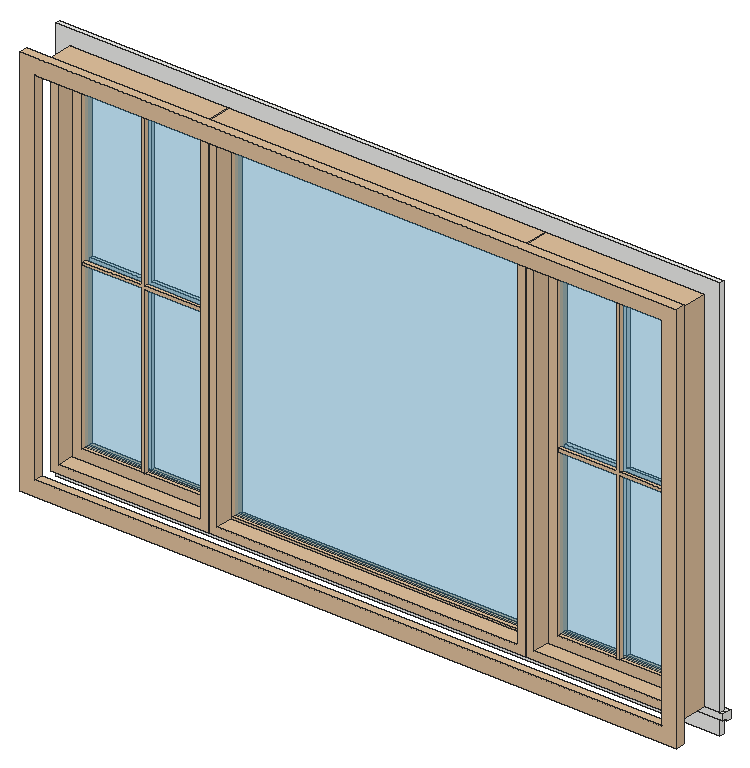
Revit family "Existing Living Room Front Window_Complete", category Windows, host Wall, Revit 2021
Family settings
  Host = Wall
  Always vertical = Yes
  Cut with Voids When Loaded = No
  Shared = No
  Room Calculation Point = No
Parameters (values of type "(2) 0600 x 1400mm CS + 1200 x 1400mm FX")
  Window Inset = 0' - 0 181/256"
  Top Muntin Visibility = yes
  Side Window Width = 1' - 11 159/256"
  Side Window Nested Trim Visibility = no
  Side Window Location = Middle Window Width / 2  # 1' - 11 159/256"
  Sash Material = Sash
  Rough Width = 0' - 0"
  Rough Height = 0' - 0"
  Right Side Window Type = Window-Casement-Single_Right : Standard
  Left Side Window Type = Window-Casement-Single_Left : Standard
  Interior Trim Visibility [instance] = yes
  Interior Trim = Trim-Window-Interior-Flat : Picture Frame
  Fixed Muntin Visibility = no
  Middle Window Width = 3' - 11 31/128"
  Interior Trim Material = Wood - Stained
  Interior Frame Material = Wood - Stained
  Height = 4' - 7 15/128"
  Glass Pane Material = Glass
  Exterior Trim Visibility [instance] = yes
  Exterior Trim Material = Clad - White
  Exterior Trim = Trim-Window-Exterior-Flat : with Sill
  Exterior Frame Material = Clad - White
  Define Thermal Properties by = Schematic Type
  Default Sill Height = 3' - 0"
  Wall Closure = By host
  Width = (Side Window Width * 2) + Middle Window Width  # 7' - 10 31/64"
  Bottom Muntin Visibility = yes
  Analytic Construction = "<None>"
Reference planes (in)
  plane 1 "Center (Front/Back)": y = 0
  plane 2: z = 0
  plane 3 "Center (Left/Right)": x = 0
  plane 4 "Left": x = -47.24219
  plane 5 "Right": x = 47.24219
  plane 6 "Sill": z = 36
  plane 7 "Top": z = 91.11719
Text (in)
  text "EXTERIOR" at (-58.6888, 50.90694, 0), in view "Ref. Level"
  text "INTERIOR" at (-58.6888, -37.76638, 0), in view "Ref. Level"
  text "Exterior" at (0, 43.65631, 123.19604), in view "Left"
  text "Exterior" at (0, 18.29385, 125.04747), in view "Right"
Dimensions and locks (in)
  "Height": plane 6 "Sill" to plane 7 "Top"
  "Default Sill Height": plane 2 to plane 6 "Sill"
  equal spacing: plane 4 "Left", plane 3 "Center (Left/Right)", plane 5 "Right"
  "Width": plane 4 "Left" to plane 5 "Right"
  plane 4 "Left" to plane 5 "Right" = 7' - 10 31/64"
  "Side Window Location": nested 3 to plane 3 "Center (Left/Right)"
  "Side Window Location": plane 3 "Center (Left/Right)" to nested 2
  aligned and locked: plane 7 "Top" to nested 4
  aligned and locked: plane 7 "Top" to nested 5
  aligned and locked: plane 3 "Center (Left/Right)" to nested 5
  aligned and locked: nested 4 to plane 3 "Center (Left/Right)"
Nested families (in)
  nested 1: "Window-Fixed" at (0, 0, 0) x (-1, 0, 0) z (0, 0, 1), type "Standard"
    with Window Inset 0' - 0", Interior Wall Closure 0' - 2 1/4", Interior Trim Visibility no, Frame Extension 0' - 0 1/4", Exterior Wall Closure 0' - 1 1/4", Exterior Trim Visibility no, Rough Width 3' - 11 95/128", Rough Height 4' - 7 79/128", Muntin Visibility no, Height 4' - 7 15/128", Extension Jamb Visibility no, Width 3' - 11 31/128"
  nested 2: "Window-Casement-Single_Right" at (35.43164, 0, 0) x (-1, 0, 0) z (0, 0, 1), Exterior Trim Visibility <- "Side Window Nested Trim Visibility", Interior Trim Visibility <- "Side Window Nested Trim Visibility", type <- "Right Side Window Type", type "Standard"
    with Window Inset 0' - 0", Interior Wall Closure 0' - 2 1/4", Interior Trim Visibility no, Frame Extension 0' - 0 1/4", Exterior Wall Closure 0' - 1 1/4", Exterior Trim Visibility no, Rough Width 2' - 0 31/256", Rough Height 4' - 7 79/128", Height 4' - 7 15/128", Extension Jamb Visibility no, Width 1' - 11 159/256"
  nested 3: "Window-Casement-Single_Left" at (-35.43164, 0, 0) x (-1, 0, 0) z (0, 0, 1), Exterior Trim Visibility <- "Side Window Nested Trim Visibility", Interior Trim Visibility <- "Side Window Nested Trim Visibility", type <- "Left Side Window Type", type "Standard"
    with Window Inset 0' - 0", Interior Wall Closure 0' - 2 1/4", Interior Trim Visibility no, Frame Extension 0' - 0 1/4", Exterior Wall Closure 0' - 1 1/4", Exterior Trim Visibility no, Rough Width 2' - 0 31/256", Rough Height 4' - 7 79/128", Height 4' - 7 15/128", Extension Jamb Visibility no, Width 1' - 11 159/256"
  nested 4: "Trim-Window-Exterior-Flat" at (0, 3, 91.11719) x (-1, 0, 0) z (0, 1, 0), visible <- "Exterior Trim Visibility", Trim Material <- "Exterior Trim Material", Opening Width <- "Width", Opening Height <- "Height", type <- "Exterior Trim", type "with Sill"
    with Trim Material Clad - White, Opening Width 7' - 10 31/64", Opening Height 4' - 7 15/128"
  nested 5: "Trim-Window-Interior-Flat" at (0, -3, 91.11719) x (1, 0, 0) z (0, -1, 0), visible <- "Interior Trim Visibility", Trim Material <- "Interior Trim Material", Opening Width <- "Width", Opening Height <- "Height", type <- "Interior Trim", type "Picture Frame"
    with Trim Material Wood - Stained, Opening Width 7' - 10 31/64", Opening Height 4' - 7 15/128"
  nested 6: "Muntin Pattern_2x2" at (35.43164, 2.625, 38.75) x (-1, 0, 0) z (0, 0, 1), type "Muntin Pattern_2x2"
    with Width 1' - 6 31/256", Interior Material Wood - Stained, Height 4' - 1 79/128", Exterior Material Clad - White
  nested 7: "Muntin Pattern_2x2" at (-35.43164, 2.625, 38.75) x (-1, 0, 0) z (0, 0, 1), type "Muntin Pattern_2x2"
    with Width 1' - 6 31/256", Interior Material Wood - Stained, Height 4' - 1 79/128", Exterior Material Clad - White
Definition of nested family "Window-Fixed"
  Parameters (values of type "24" x 36"")
    Window Inset [instance] = 0' - 0"
    Wall Thickness [instance] = 0' - 6"
    Visual Light Transmittance = 0.81
    Thermal Resistance (R) = 1.8146 (h·ft²·°F)/BTU
    Solar Heat Gain Coefficient = 0.76
    Rough Width = Width + 0' 0 1/2"  # 2' - 0 1/2"
    Rough Height = Height + 0' 0 1/2"  # 3' - 0 1/2"
    Muntin Visibility = yes
    Muntin Pattern = Muntin Pattern_2x2 : Muntin Pattern_2x2
    Interior Wall Closure [instance] = 0' - 2 1/4"
    Interior Trim Visibility [instance] = yes
    Interior Trim Material = none
    Interior Trim = Trim-Window-Interior-Flat : Picture Frame
    Height = 3' - 0"
    Interior Frame Material = none
    Heat Transfer Coefficient (U) = 0.5511 BTU/(h·ft²·°F)
    Glass Panel Material = none
    Frame Extension [instance] = if(Exterior Trim Visibility, Window Inset + 0' 0 1/4", 0' 0 1/4")  # 0' - 0 1/4"
    Fire Rating = "0.5h"
    Exterior Wall Closure [instance] = 0' - 1 1/4"
    Exterior Trim Visibility [instance] = yes
    Exterior Trim Material = none
    Exterior Trim = Trim-Window-Exterior-Flat : with Sill
    Exterior Frame Material = none
    Extension Jamb Visibility [instance] = and(Interior Trim Visibility, Wall Thickness - Window Inset > 0' 3 3/4")  # yes
    Extension Jamb [instance] = if(Wall Thickness - Window Inset > 0' 3 3/4", Wall Thickness - Window Inset - 0' 3 3/4", 0' 1")  # 0' - 2 1/4"
    Default Sill Height = 3' - 0"
    Wall Closure = (empty or 0)
    Width = 2' - 0"
    Assembly Code = "B2020100"
    Analytic Construction = "Double glazing - domestic"
  Reference planes (in)
    plane 1 "Center (Front/Back)": y = 0
    plane 2: z = 0
    plane 3 "Center (Left/Right)": x = 0
    plane 4 "Left": x = -12
    plane 5 "Right": x = 12
    plane 6 "Sill": z = 36
    plane 7 "Top": z = 72
    plane 8 "Inset Face": y = 3
    plane 9 "Wall Closure": y = -0.75
    plane 10 "Sash Face": y = 3.5
    plane 11 "Exterior": y = 3
    plane 12: x = 11.5
    plane 13: x = -11.5
    plane 14: z = 71.5
    plane 15: z = 36.5
    plane 16: y = 2.25
    plane 17 "Glass": y = 2.625
    plane 18: y = 3.75
    plane 19: y = 3.75
    plane 20 "Interior": y = -3
    plane 21 "Jamb": y = -0.75
    plane 22 "Middle": z = 54
    plane 23: z = 54
    plane 24: x = 10.75
    plane 25: x = 10.5
    plane 26: x = -10.5
    plane 27: x = 10.5
    plane 28: z = 70.5
    plane 29: z = 37.5
    plane 30: y = -0.75
    plane 31: y = 1.75
    plane 32: y = 3.75
  Forms (in)
    Sweep 1, solid, material <- "Interior Frame Material"
      path origin (0, 3.5, 0) x (-1, 0, 0) y (0, 0, 1)
        loop
          line (-12, 36) -> (12, 36) -> (12, 72) -> (-12, 72) -> (-12, 36)
      profile origin (12, 3.5, 54) x (1, 0, 0) y (0, 1, 0)
        loop
          line (0, 0.25) -> (-0.5, 0.25) -> (-0.5, -1.75) -> (-1.25, -1.75) -> (-1.25, -4.25) -> (0, -4.25) -> (0, 0.25)
    Extrusion 2, solid, material <- "Interior Frame Material", visible <- "Extension Jamb Visibility"
      sketch origin (0, 0, 0) x (1, 0, 0) y (0, 0, 1)
        loop
          line (12, 72) -> (-12, 72) -> (-12, 36) -> (12, 36) -> (12, 72)
        loop
          line (11.5, 36.5) -> (11.5, 71.5) -> (-11.5, 71.5) -> (-11.5, 36.5) -> (11.5, 36.5)
      from 0.75 to 3
    Sweep 3, solid, material <- "Interior Frame Material"
      path origin (0, 3.5, 0) x (-1, 0, 0) y (0, 0, 1)
        loop
          line (-11.5, 71.5) -> (-11.5, 36.5) -> (11.5, 36.5) -> (11.5, 71.5) -> (-11.5, 71.5)
      profile origin (11.5, 3.5, 54) x (0, 1, 0) y (-1, 0, 0)
        loop
          line (0, 0) -> (0, 1) -> (-1.75, 1) -> (-1.75, 0) -> (0, 0)
    Extrusion 4, solid, material <- "Glass Panel Material"
      sketch origin (0, 0, 36) x (0, -1, 0) y (1, 0, 0)
        loop
          line (-3, -10.5) -> (-2.75, -10.5) -> (-2.75, 10.5) -> (-3, 10.5) -> (-3, -10.5)
        loop
          line (-2.25, 10.5) -> (-2.5, 10.5) -> (-2.5, -10.5) -> (-2.25, -10.5) -> (-2.25, 10.5)
      from 1.5 to 34.5
  Lines and regions (in)
    Opening 1
      outline origin (-60, -3, 0) x (1, 0, 0) y (0, 0, 1)
        loop
          line (48, 72) -> (48, 36) -> (72, 36) -> (72, 72) -> (48, 72)
    Split face 1
      outline origin (10.5, 3.5, 37.5) x (-1, 0, 0) y (0, -1, 0)
        loop
          line (21, 0.5) -> (0, 0.5)
    Split face 2
      outline origin (10.5, 3.5, 70.5) x (0, 0, -1) y (0, -1, 0)
        loop
          line (0, 0.5) -> (33, 0.5)
    Split face 3
      outline origin (-10.5, 3.5, 37.5) x (0, 0, 1) y (0, -1, 0)
        loop
          line (33, 0.5) -> (0, 0.5)
    Split face 4
      outline origin (-10.5, 3.5, 70.5) x (0, -1, 0) y (1, 0, 0)
        loop
          line (0.5, 0) -> (0.5, 21)
    Split face 5
      outline origin (11.5, 1.75, 36.5) x (0, 0, 1) y (0, 1, 0)
        loop
          line (35, 1.25) -> (0, 1.25)
    Split face 6
      outline origin (-11.5, 1.75, 36.5) x (1, 0, 0) y (0, 1, 0)
        loop
          line (0, 1.25) -> (23, 1.25)
    Split face 7
      outline origin (-11.5, 1.75, 71.5) x (0, 0, -1) y (0, 1, 0)
        loop
          line (35, 1.75) -> (0, 1.75)
    Split face 8
      outline origin (11.5, 1.75, 71.5) x (0, 1, 0) y (-1, 0, 0)
        loop
          line (1.75, 0) -> (1.75, 23)
  Text (in)
    text "EXTERIOR" at (-58.6888, 50.90694, 0), in view "Ref. Level"
    text "INTERIOR" at (-58.6888, -37.76638, 0), in view "Ref. Level"
    text "Exterior" at (0, 43.65631, 123.19604), in view "Left"
    text "Exterior" at (0, 18.29385, 125.04747), in view "Right"
  Dimensions and locks (in)
    equal spacing: plane 4 "Left", plane 3 "Center (Left/Right)", plane 5 "Right"
    "Width": plane 4 "Left" to plane 5 "Right"
    "Height": plane 6 "Sill" to plane 7 "Top"
    "Default Sill Height": plane 2 to plane 6 "Sill"
    locked: plane 10 "Sash Face" to plane 8 "Inset Face" at 0.5
    "Wall Thickness": host wall to host wall
    "Window Inset": plane 11 "Exterior" to plane 8 "Inset Face"
    locked: Sweep 1 sketch curve to plane 5 "Right" at 0.5
    locked: plane 12 to plane 5 "Right" at 0.5
    locked: plane 4 "Left" to plane 13 at 0.5
    locked: plane 14 to plane 7 "Top" at 0.5
    locked: plane 6 "Sill" to plane 15 at 0.5
    plane 16 to Sweep 3 = 0' - 0 1/2"
    equal spacing: plane 8 "Inset Face", plane 17 "Glass", plane 16
    locked: plane 8 "Inset Face" to plane 16 at 0.75
    locked: plane 18 to plane 11 "Exterior" at 0.75
    locked: plane 19 to plane 10 "Sash Face" at 0.25
    "Extension Jamb": plane 21 "Jamb" to plane 20 "Interior"
    locked: plane 8 "Inset Face" to plane 9 "Wall Closure" at 3.75
    equal spacing: plane 6 "Sill", plane 23, plane 7 "Top"
    plane 24 to plane 5 "Right" = 0' - 1 1/4"
    plane 25 to plane 12 = 0' - 1"
    locked: plane 4 "Left" to plane 26 at 1.5
    locked: plane 7 "Top" to plane 28 at 1.5
    locked: plane 29 to plane 6 "Sill" at 1.5
    locked: plane 27 to plane 5 "Right" at 1.5
    level to host wall = 23' - 0"
    "Interior Wall Closure": plane 30 to plane 20 "Interior"
    "Exterior Wall Closure": plane 11 "Exterior" to plane 31
    "Frame Extension": plane 32 to plane 10 "Sash Face"
    aligned and locked: plane 7 "Top" to Opening 1 sketch curve
    aligned and locked: plane 6 "Sill" to Opening 1 sketch curve  (x2)
    aligned and locked: plane 5 "Right" to Opening 1 sketch curve
    aligned and locked: plane 4 "Left" to Opening 1 sketch curve
    aligned and locked: level to plane 2
    aligned and locked: host wall to plane 11 "Exterior"
    aligned and locked: plane 5 "Right" to Sweep 1 sketch curve
    aligned and locked: plane 7 "Top" to Sweep 1 sketch curve
    aligned and locked: Sweep 1 sketch curve to plane 4 "Left"
    aligned and locked: Sweep 1 sketch curve to plane 6 "Sill"
    aligned and locked: Extrusion 2 sketch curve to host wall  (x3)
    aligned and locked: plane 7 "Top" to Extrusion 2 sketch curve
    aligned and locked: host wall to Extrusion 2
    aligned and locked: Sweep 3 sketch curve to plane 12  (x2)
    aligned and locked: Sweep 3 sketch curve to plane 15
    aligned and locked: Split face 1 sketch curve to plane 8 "Inset Face"
    aligned and locked: plane 8 "Inset Face" to Split face 2 sketch curve
    aligned and locked: plane 8 "Inset Face" to Split face 3 sketch curve
    aligned and locked: Split face 4 sketch curve to plane 8 "Inset Face"
    aligned and locked: Extrusion 4 sketch curve to plane 8 "Inset Face"
    aligned and locked: Sweep 3 to Extrusion 4 sketch curve
    aligned and locked: Extrusion 4 sketch curve to plane 16
    aligned and locked: Extrusion 4 sketch curve to Sweep 3
    aligned and locked: plane 20 "Interior" to host wall
    aligned and locked: plane 21 "Jamb" to Extrusion 2
    aligned and locked: plane 9 "Wall Closure" to Sweep 1
    aligned and locked: nested 2 to plane 4 "Left"
    aligned and locked: plane 11 "Exterior" to nested 2
    aligned and locked: profile plane to Sweep 3 sketch curve
    aligned and locked: plane 13 to Sweep 3 sketch curve
    aligned and locked: plane 12 to Extrusion 2 sketch curve
    aligned and locked: Extrusion 2 sketch curve to plane 14
    aligned and locked: Extrusion 2 sketch curve to plane 13
    aligned and locked: plane 15 to Extrusion 2 sketch curve
    aligned and locked: plane 23 to plane 22 "Middle"
    aligned and locked: plane 14 to Sweep 3 sketch curve
    aligned and locked: Sweep 1 sketch curve to Sweep 3
    aligned and locked: Sweep 3 sketch curve to plane 25
    aligned and locked: Extrusion 4 sketch curve to plane 25  (x2)
    aligned and locked: Extrusion 4 to Sweep 3  (x2)
    aligned and locked: plane 8 "Inset Face" to Split face 5 sketch curve
    aligned and locked: Split face 6 sketch curve to plane 8 "Inset Face"
    aligned and locked: Split face 7 sketch curve to plane 10 "Sash Face"
    aligned and locked: plane 10 "Sash Face" to Split face 8 sketch curve
    aligned and locked: plane 7 "Top" to nested 2
    aligned and locked: nested 1 to plane 29
    aligned and locked: plane 15 to Extrusion 2
    aligned and locked: Extrusion 2 to plane 14
    aligned and locked: plane 17 "Glass" to nested 1
    aligned and locked: nested 1 to plane 28
    aligned and locked: plane 25 to nested 1
    aligned and locked: plane 26 to nested 1
    aligned and locked: plane 7 "Top" to nested 3
    aligned and locked: nested 3 to plane 3 "Center (Left/Right)"
    aligned and locked: plane 7 "Top" to nested 4
    aligned and locked: plane 3 "Center (Left/Right)" to nested 4
    aligned and locked: plane 32 to Sweep 1 sketch curve
  Automatic sketch dimensions
    Sweep 3 sketch curve to plane 10 "Sash Face" = 0' - 1 3/4"
    Split face 1 sketch curve to Sweep 3 = 0' - 0"  (x2)
    Sweep 3 to Split face 2 sketch curve = 0' - 0"
    Split face 2 sketch curve to Sweep 3 = 0' - 0"
    Split face 3 sketch curve to Sweep 3 = 0' - 0"
    Sweep 3 to Split face 3 sketch curve = 0' - 0"
    Split face 4 sketch curve to Sweep 3 = 0' - 0"  (x2)
    plane 17 "Glass" to Extrusion 4 sketch curve = 0' - 0 1/8"
    Extrusion 4 sketch curve to plane 17 "Glass" = 0' - 0 1/8"
    Sweep 1 sketch curve to profile plane = 0' - 0"
    profile plane to Sweep 1 sketch curve = 0' - 1 1/4"
    Sweep 1 sketch curve to plane 10 "Sash Face" = 0' - 4 1/4"
    Split face 5 sketch curve to Sweep 1 = 0' - 0"
    Sweep 1 to Split face 5 sketch curve = 0' - 0"
    Split face 6 sketch curve to Sweep 1 = 0' - 0"  (x2)
    Sweep 1 to Split face 7 sketch curve = 0' - 0"
    Split face 7 sketch curve to Sweep 1 = 0' - 0"
    Split face 8 sketch curve to Sweep 1 = 0' - 0"  (x2)
  Nested families (in)
    nested 1: "Muntin Pattern_2x2" at (0, 2.625, 37.5) x (-1, 0, 0) z (0, 0, 1), type <- "Muntin Pattern", Exterior Material <- "Exterior Frame Material", Interior Material <- "Interior Frame Material", visible <- "Muntin Visibility", type "Muntin Pattern_2x2"
      with Width 1' - 9", Interior Material none, Height 2' - 9", Exterior Material none
    nested 2: "Plan-Fixed" at (0, 3, 36) x (-1, 0, 0) z (0, 0, 1), Width <- "Width", Wall Thickness <- "Wall Thickness", Height <- "Height", Window Inset <- "Window Inset", type "Plan-Fixed"
      with Window Inset of 3D 0' - 0", Window Inset 0' - 0", Width 2' - 0", Wall Thickness 0' - 6", Height 3' - 0"
    nested 3: "Trim-Window-Exterior-Flat" at (0, 3, 72) x (-1, 0, 0) z (0, 1, 0), visible <- "Exterior Trim Visibility", Trim Material <- "Exterior Trim Material", Opening Width <- "Width", Opening Height <- "Height", type <- "Exterior Trim", type "with Sill"
      with Trim Material none, Opening Width 2' - 0", Opening Height 3' - 0"
    nested 4: "Trim-Window-Interior-Flat" at (0, -3, 72) x (1, 0, 0) z (0, -1, 0), visible <- "Interior Trim Visibility", Trim Material <- "Interior Trim Material", Opening Width <- "Width", Opening Height <- "Height", type <- "Interior Trim", type "Picture Frame"
      with Trim Material none, Opening Width 2' - 0", Opening Height 3' - 0"
  Definition of nested family "Muntin Pattern_2x2"
    Parameters (values of type "Muntin Pattern_2x2")
      Width [instance] = 4' - 0"
      Thickness = 0' - 0 1/2"
      Height [instance] = 4' - 0"
      Interior Material [instance] = none
      Exterior Material [instance] = none
      Distance = 0' - 0 3/4"
      Default Elevation = 0' - 0"
    Reference planes (in)
      plane 1 "Center (Front/Back)": y = 0
      plane 2: z = 0
      plane 3 "Center (Left/Right)": x = 0
      plane 4: z = 48
      plane 5: x = -24
      plane 6: x = 24
      plane 7: z = 24
      plane 8: y = 0.375
      plane 9: y = 0.875
      plane 10: y = -0.375
      plane 11: y = -0.875
    Forms (in)
      Extrusion 1, solid, material <- "Interior Material", detail levels fine
        sketch origin (0, 0, 0) x (1, 0, 0) y (0, 0, 1)
          loop
            line (-24, 24.25) -> (-24, 23.75) -> (-0.25, 23.75) -> (-0.25, 0) -> (0.25, 0) -> (0.25, 23.75) -> (24, 23.75) -> (24, 24.25) -> (0.25, 24.25) -> (0.25, 48) -> (-0.25, 48) -> (-0.25, 24.25) -> (-24, 24.25)
        from 0.375 to 0.875
      Extrusion 2, solid, material <- "Exterior Material", detail levels fine
        sketch origin (0, 0, 0) x (1, 0, 0) y (0, 0, -1)
          loop
            line (-24, -24.25) -> (-0.25, -24.25) -> (-0.25, -48) -> (0.25, -48) -> (0.25, -24.25) -> (24, -24.25) -> (24, -23.75) -> (0.25, -23.75) -> (0.25, 0) -> (-0.25, 0) -> (-0.25, -23.75) -> (-24, -23.75) -> (-24, -24.25)
        from 0.375 to 0.875
    Lines and regions (in)
      model lines, detail levels medium
        curve 1: line (0, 0.375, 48) -> (0, 0.375, 0)
        curve 2: line (-24, -0.375, 24) -> (24, -0.375, 24)
        curve 3: line (-24, 0.375, 24) -> (24, 0.375, 24)
        curve 4: line (0, -0.375, 48) -> (0, -0.375, 0)
    Dimensions and locks (in)
      equal spacing: plane 6, plane 3 "Center (Left/Right)", plane 5
      "Width": plane 6 to plane 5
      "Height": plane 4 to plane 2
      equal spacing: plane 4, plane 7, plane 2
      locked: plane 3 "Center (Left/Right)" to Extrusion 1 sketch curve at 0.25  (x4)
      locked: Extrusion 1 sketch curve to plane 7 at 0.25  (x2)
      locked: plane 7 to Extrusion 1 sketch curve at 0.25  (x2)
      "Thickness": plane 9 to plane 8
      "Thickness": plane 10 to plane 11
      "Distance": plane 8 to plane 10
      equal spacing: plane 8, plane 1 "Center (Front/Back)", plane 10
      aligned and locked: plane 2 to level
      aligned and locked: plane 4 to curve 1
      aligned and locked: plane 5 to curve 2
      aligned and locked: plane 2 to curve 1
      aligned and locked: plane 6 to curve 2
      aligned and locked: Extrusion 1 sketch curve to plane 4
      aligned and locked: Extrusion 1 sketch curve to plane 6
      aligned and locked: Extrusion 1 sketch curve to plane 5
      aligned and locked: Extrusion 1 sketch curve to level
      aligned and locked: Extrusion 1 to plane 11
      aligned and locked: plane 10 to Extrusion 1
      aligned and locked: Extrusion 2 to plane 5
      aligned and locked: plane 6 to Extrusion 2
      aligned and locked: Extrusion 2 to plane 8
      aligned and locked: plane 9 to Extrusion 2
      aligned and locked: Extrusion 2 to plane 2
      aligned and locked: plane 4 to Extrusion 2
      aligned and locked: plane 5 to curve 3
      aligned and locked: plane 6 to curve 3
      aligned and locked: plane 4 to curve 4
      aligned and locked: plane 2 to curve 4
      aligned and locked: plane 8 to curve 3
    Automatic sketch dimensions
      curve 2 to plane 7 = 0' - 0"
      Extrusion 2 sketch curve to plane 5 = 0' - 0"
      Extrusion 2 sketch curve to level = 0' - 0"
      Extrusion 2 sketch curve to plane 4 = 0' - 0"
      Extrusion 2 sketch curve to plane 6 = 0' - 0"
      Extrusion 2 sketch curve to plane 3 "Center (Left/Right)" = 0' - 0 1/4"  (x2)
      plane 3 "Center (Left/Right)" to Extrusion 2 sketch curve = 0' - 0 1/4"  (x2)
      plane 7 to Extrusion 2 sketch curve = 0' - 0 1/4"  (x2)
      Extrusion 2 sketch curve to plane 7 = 0' - 0 1/4"  (x2)
      curve 4 to plane 3 "Center (Left/Right)" = 0' - 0"
      curve 4 to level = 0' - 0"
      curve 4 to plane 4 = 0' - 0"
      curve 3 to plane 6 = 0' - 0"
      curve 1 to plane 3 "Center (Left/Right)" = 0' - 0"
      curve 3 to plane 5 = 0' - 0"
      curve 3 to plane 7 = 0' - 0"
  Definition of nested family "Trim-Window-Exterior-Flat"
    Parameters (values of type "with Sill")
      Trim Width = 0' - 2 1/4"
      Trim Thickness_Picture Frame = 0' - 1 1/4"
      Trim Thickness_with Sill = 0' - 0 3/4"
      Trim Material [instance] = none
      Sill Thickness = 0' - 1 1/4"
      Sill = yes
      Picture Frame = no
      Opening Width [instance] = 2' - 0"
      Opening Height [instance] = 3' - 0"
      Default Elevation = 4' - 0"
    Types (2): name | Sill | Picture Frame
      with Sill | yes | no
      Picture Frame | no | yes
    Reference planes (in)
      plane 1 "Center (Front/Back)": y = 0
      plane 2: z = 0
      plane 3 "Center (Left/Right)": x = 0
      plane 4: y = 2.25
      plane 5 "Left": x = -12
      plane 6 "Right": x = 12
      plane 7 "Bottom": y = -36
      plane 8: y = -37.25
      plane 9: y = -39.12332
      plane 10: x = 14.25
      plane 11: x = -14.25
      plane 12: z = 0.75
      plane 13: z = 1.25
      plane 14: x = 14.75
      plane 15: x = -14.75
      plane 16: y = -36.87332
      plane 17: y = -38.25
      plane 18: z = 0.5
      plane 19: y = -18
      plane 20: z = 1.5
    Forms (in)
      Extrusion 1, solid
        sketch origin (0, 0, 0) x (1, 0, 0) y (0, 1, 0)
          loop
            line (-14.25, 2.25) -> (-14.25, -39.12332) -> (14.25, -39.12332) -> (14.25, 2.25) -> (-14.25, 2.25)
        from 0 to -12
      Extrusion 2, solid, material <- "Trim Material", visible <- "Sill"
        sketch origin (0, 0, 0) x (1, 0, 0) y (0, 1, 0)
          loop
            line (-14.25, -36) -> (-12, -36) -> (-12, 0) -> (12, 0) -> (12, -36) -> (14.25, -36) -> (14.25, 2.25) -> (-14.25, 2.25) -> (-14.25, -36)
        from 0 to 0.75
      Extrusion 3, solid, material <- "Trim Material", visible <- "Sill"
        sketch origin (0, 0, 0) x (0, 1, 0) y (0, 0, 1)
          loop
            line (-36.09677, 1.5) -> (-37.25, 1.5) -> (-37.25, 0.75) -> (-36.87332, 0.75) -> (-36.87332, 0) -> (-36, 0) -> (-36, 0.75) -> (-36.09677, 1.5)
        from -14.75 to 14.75
      Extrusion 4, solid, material <- "Trim Material", visible <- "Sill"
        sketch origin (0, 0, 0) x (1, 0, 0) y (0, 1, 0)
          loop
            line (-14.25, -36.87332) -> (-14.25, -39.12332) -> (14.25, -39.12332) -> (14.25, -36.87332) -> (-14.25, -36.87332)
        from 0 to 0.75
      Extrusion 5, solid, material <- "Trim Material", visible <- "Picture Frame"
        sketch origin (0, 0, 0) x (1, 0, 0) y (0, 1, 0)
          loop
            line (-12, 0) -> (-12, -36) -> (12, -36) -> (12, 0) -> (-12, 0)
          loop
            line (-14.25, 2.25) -> (-14.25, -38.25) -> (14.25, -38.25) -> (14.25, 2.25) -> (-14.25, 2.25)
        from 0 to 1.25
    Dimensions and locks (in)
      equal spacing: plane 5 "Left", plane 3 "Center (Left/Right)", plane 6 "Right"
      "Opening Width": plane 5 "Left" to plane 6 "Right"
      "Opening Height": plane 7 "Bottom" to plane 1 "Center (Front/Back)"
      "Sill Thickness": plane 7 "Bottom" to plane 8
      "Trim Width": plane 11 to plane 5 "Left"
      "Trim Width": plane 6 "Right" to plane 10
      "Trim Width": plane 1 "Center (Front/Back)" to plane 4
      locked: plane 15 to plane 11 at 0.5
      locked: plane 10 to plane 14 at 0.5
      locked: plane 16 to plane 8 at 0.37668
      "Trim Width": plane 9 to plane 16
      "Trim Width": plane 17 to plane 7 "Bottom"
      locked: plane 18 to plane 2 at 0.5
      equal spacing: plane 7 "Bottom", plane 19, plane 1 "Center (Front/Back)"
      locked: plane 20 to plane 12 at 0.75
      "Trim Thickness_with Sill": plane 12 to plane 2
      "Trim Thickness_Picture Frame": plane 13 to plane 2
      aligned and locked: plane 2 to Extrusion 1
      aligned and locked: level to Extrusion 1
      aligned and locked: Extrusion 2 sketch curve to plane 5 "Left"
      aligned and locked: Extrusion 2 sketch curve to plane 11
      aligned and locked: plane 7 "Bottom" to Extrusion 2 sketch curve  (x2)
      aligned and locked: plane 1 "Center (Front/Back)" to Extrusion 2 sketch curve
      aligned and locked: plane 10 to Extrusion 2 sketch curve
      aligned and locked: Extrusion 2 sketch curve to plane 6 "Right"
      aligned and locked: plane 12 to Extrusion 2
      aligned and locked: Extrusion 3 sketch curve to level
      aligned and locked: plane 7 "Bottom" to Extrusion 3 sketch curve
      aligned and locked: Extrusion 3 sketch curve to plane 8
      aligned and locked: plane 15 to Extrusion 3
      aligned and locked: Extrusion 3 to plane 14
      aligned and locked: plane 10 to Extrusion 4 sketch curve
      aligned and locked: Extrusion 4 sketch curve to plane 11
      aligned and locked: plane 16 to Extrusion 4 sketch curve
      aligned and locked: plane 9 to Extrusion 4 sketch curve
      aligned and locked: Extrusion 4 to Extrusion 2
      aligned and locked: Extrusion 2 sketch curve to plane 4
      aligned and locked: plane 1 "Center (Front/Back)" to Extrusion 5 sketch curve
      aligned and locked: Extrusion 5 sketch curve to plane 4
      aligned and locked: Extrusion 5 sketch curve to plane 17
      aligned and locked: plane 7 "Bottom" to Extrusion 5 sketch curve
      aligned and locked: Extrusion 5 sketch curve to plane 6 "Right"
      aligned and locked: plane 10 to Extrusion 5 sketch curve
      aligned and locked: Extrusion 5 sketch curve to plane 5 "Left"
      aligned and locked: Extrusion 5 sketch curve to plane 11
      aligned and locked: plane 13 to Extrusion 5
      aligned and locked: plane 20 to Extrusion 3
    Automatic sketch dimensions
      Extrusion 1 sketch curve to Extrusion 1 sketch curve = 2' - 4 1/2"
      Extrusion 1 sketch curve to Extrusion 1 sketch curve = 3' - 5.37332"
      Extrusion 3 sketch curve to plane 16 = 0' - 0"
      Extrusion 3 sketch curve to plane 12 = 0' - 0"  (x2)
      Extrusion 3 sketch curve to plane 7 "Bottom" = 0' - 0.09677"
      plane 13 to Extrusion 3 sketch curve = 0' - 0 1/4"
  Definition of nested family "Trim-Window-Interior-Flat"
    Parameters (values of type "with Sill")
      Trim Thickness_Picture Frame = 0' - 1 1/4"
      Trim Width = 0' - 2 1/4"
      Trim Thickness_with Sill = 0' - 0 3/4"
      Trim Material [instance] = none
      Sill Thickness = 0' - 1 1/4"
      Sill = yes
      Picture Frame = no
      Opening Width [instance] = 2' - 0"
      Opening Height [instance] = 3' - 0"
      Default Elevation = 4' - 0"
    Types (2): name | Sill | Picture Frame
      with Sill | yes | no
      Picture Frame | no | yes
    Reference planes (in)
      plane 1 "Center (Front/Back)": y = 0
      plane 2: z = 0
      plane 3 "Center (Left/Right)": x = 0
      plane 4: y = 1.75
      plane 5 "Left": x = -12
      plane 6 "Right": x = 12
      plane 7 "Bottom": y = -36
      plane 8: y = -37.25
      plane 9: y = -39.12332
      plane 10: x = 13.75
      plane 11: x = -13.75
      plane 12: z = 0.75
      plane 13: z = 1.25
      plane 14: x = 14.25
      plane 15: x = -14.25
      plane 16: y = -36.87332
      plane 17: y = -37.75
      plane 18: z = 0.5
      plane 19: x = -11.5
      plane 20: y = -0.5
      plane 21: x = 11.5
      plane 22: y = -35.5
      plane 23: x = -13.25
      plane 24: x = 13.25
      plane 25: y = -18
    Forms (in)
      Extrusion 1, solid
        sketch origin (0, 0, 0) x (1, 0, 0) y (0, 1, 0)
          loop
            line (-13.75, 1.75) -> (-13.75, -37.75) -> (13.75, -37.75) -> (13.75, 1.75) -> (-13.75, 1.75)
        from 0 to -12
      Extrusion 2, solid, material <- "Trim Material", visible <- "Sill"
        sketch origin (0, 0, 0) x (1, 0, 0) y (0, 1, 0)
          loop
            line (-13.25, -36) -> (-11.5, -36) -> (-11.5, 0) -> (11.5, 0) -> (11.5, -36) -> (13.25, -36) -> (13.25, 1.75) -> (-13.25, 1.75) -> (-13.25, -36)
        from 0 to 0.75
      Extrusion 3, solid, material <- "Trim Material", visible <- "Sill"
        sketch origin (0, 0, 0) x (0, 1, 0) y (0, 0, 1)
          loop
            line (-36.5, 1.5) -> (-36.87332, 1.5) -> (-36.87332, 0) -> (-36, 0) -> (-36, 1)
            arc (-36, 1) -> (-36.14645, 1.35355) -> (-36.5, 1.5) r 0.5
        from -13.75 to 13.75
      Extrusion 4, solid, material <- "Trim Material", visible <- "Sill"
        sketch origin (0, 0, 0) x (1, 0, 0) y (0, 1, 0)
          loop
            line (-13.25, -36.87332) -> (-13.25, -39.12332) -> (13.25, -39.12332) -> (13.25, -36.87332) -> (-13.25, -36.87332)
        from 0 to 0.75
      Extrusion 5, solid, material <- "Trim Material", visible <- "Picture Frame"
        sketch origin (0, 0, 0) x (1, 0, 0) y (0, 1, 0)
          loop
            line (-11.5, -0.5) -> (-11.5, -35.5) -> (11.5, -35.5) -> (11.5, -0.5) -> (-11.5, -0.5)
          loop
            line (-13.75, 1.75) -> (-13.75, -37.75) -> (13.75, -37.75) -> (13.75, 1.75) -> (-13.75, 1.75)
        from 0 to 1.25
    Dimensions and locks (in)
      equal spacing: plane 5 "Left", plane 3 "Center (Left/Right)", plane 6 "Right"
      "Opening Width": plane 5 "Left" to plane 6 "Right"
      "Opening Height": plane 7 "Bottom" to plane 1 "Center (Front/Back)"
      "Sill Thickness": plane 7 "Bottom" to plane 8
      "Trim Width": plane 11 to plane 19
      "Trim Width": plane 21 to plane 10
      "Trim Width": plane 20 to plane 4
      "Trim Thickness_with Sill": plane 12 to plane 2
      locked: plane 15 to plane 11 at 0.5
      locked: plane 10 to plane 14 at 0.5
      locked: plane 16 to plane 8 at 0.37668
      "Trim Width": plane 9 to plane 16
      "Trim Width": plane 17 to plane 22
      plane 20 to plane 1 "Center (Front/Back)" = 0' - 0 1/2"
      plane 5 "Left" to plane 19 = 0' - 0 1/2"
      plane 21 to plane 6 "Right" = 0' - 0 1/2"
      plane 22 to plane 7 "Bottom" = 0' - 0 1/2"
      locked: plane 11 to plane 23 at 0.5
      locked: plane 24 to plane 10 at 0.5
      equal spacing: plane 7 "Bottom", plane 25, plane 1 "Center (Front/Back)"
      "Trim Thickness_Picture Frame": plane 13 to plane 2
      locked: Extrusion 3 to plane 12 at 0.75
      locked: plane 12 to Extrusion 3 sketch curve at 0.75
      radius of Extrusion 3 sketch curve = 0' - 0 1/2"
      aligned and locked: plane 2 to Extrusion 1
      aligned and locked: level to Extrusion 1
      aligned and locked: plane 7 "Bottom" to Extrusion 2 sketch curve  (x2)
      aligned and locked: plane 1 "Center (Front/Back)" to Extrusion 2 sketch curve
      aligned and locked: plane 12 to Extrusion 2
      aligned and locked: Extrusion 3 sketch curve to level
      aligned and locked: plane 7 "Bottom" to Extrusion 3 sketch curve
      aligned and locked: plane 16 to Extrusion 4 sketch curve
      aligned and locked: plane 9 to Extrusion 4 sketch curve
      aligned and locked: Extrusion 2 sketch curve to plane 4
      aligned and locked: Extrusion 5 sketch curve to plane 4
      aligned and locked: Extrusion 5 sketch curve to plane 17
      aligned and locked: plane 10 to Extrusion 5 sketch curve
      aligned and locked: Extrusion 5 sketch curve to plane 11
      aligned and locked: plane 13 to Extrusion 5
      aligned and locked: Extrusion 5 sketch curve to plane 20
      aligned and locked: Extrusion 5 sketch curve to plane 19
      aligned and locked: Extrusion 5 sketch curve to plane 21
      aligned and locked: plane 22 to Extrusion 5 sketch curve
      aligned and locked: Extrusion 4 to plane 24
      aligned and locked: plane 11 to Extrusion 3
      aligned and locked: Extrusion 3 to plane 10
      aligned and locked: Extrusion 2 sketch curve to plane 21
      aligned and locked: Extrusion 2 sketch curve to plane 24
      aligned and locked: Extrusion 2 sketch curve to plane 19
      aligned and locked: Extrusion 2 sketch curve to plane 23
      aligned and locked: plane 12 to Extrusion 4
    Automatic sketch dimensions
      Extrusion 1 sketch curve to Extrusion 1 sketch curve = 2' - 3 1/2"
      Extrusion 1 sketch curve to Extrusion 1 sketch curve = 3' - 3 1/2"
      Extrusion 3 sketch curve to plane 16 = 0' - 0"
      Extrusion 4 sketch curve to plane 11 = 0' - 0 1/2"
      Extrusion 4 sketch curve to plane 24 = 0' - 0"
  Definition of nested family "Plan-Fixed"
    Parameters (values of type "Plan-Fixed")
      Window Inset [instance] = 0' - 1"
      Window Inset of 3D [instance] = if(Window Inset - 0' 0 1/2" < 0' 0", 0' 0", if(Window Inset - 0' 0 1/2" < Wall Thickness - 0' 3 1/2", Window Inset - 0' 0 1/2", Wall Thickness - 0' 3 1/2"))  # 0' - 0 1/2"
      Width [instance] = 4' - 0"
      Wall Thickness [instance] = 0' - 6"
      Height [instance] = 3' - 0"
      Default Elevation = 4' - 0"
      Analytic Construction = "<None>"
    Reference planes (in)
      plane 1 "Center (Front/Back)": y = 0
      plane 2: z = 0
      plane 3 "Center (Left/Right)": x = 0
      plane 4: x = -24
      plane 5: x = 24
      plane 6 "Jamb": y = -4
      plane 7: x = -23.5
      plane 8: x = -22.75
      plane 9: y = -0.5
      plane 10: y = -2.25
      plane 11: y = -1.375
      plane 12: x = -22.5
      plane 13: x = 23.5
      plane 14: x = 22.75
      plane 15: x = 22.5
      plane 16 "Window Inset": y = -1
      plane 17 "Wall": y = -6
      plane 18: z = 36
      plane 19: z = 35.5
      plane 20: z = 0.5
      plane 21: z = 34.75
      plane 22: z = 1.25
      plane 23: z = 34.5
      plane 24: z = 1.5
    Lines and regions (in)
      Masking region 1
        outline origin (0, 0.75, 0) x (1, 0, 0) y (0, 1, 0)
          loop
            line (-24, -6.75) -> (24, -6.75) -> (24, -0.75) -> (-24, -0.75) -> (-24, -6.75)
      Masking region 2
        outline origin (0, 0, 0) x (0, 1, 0) y (0, 0, 1)
          loop
            line (-6, 36) -> (-6, 0) -> (0, 0) -> (0, 36) -> (-6, 36)
      symbolic lines
        curve 1: line (-23.5, -2.25, 0) -> (-22.75, -2.25, 0)
        curve 2: line (-22.75, -2.25, 0) -> (-22.75, -4, 0)
        curve 3: line (-23.5, -0.5, 0) -> (-23.5, -2.25, 0)
        curve 4: line (-24, -0.5, 0) -> (-22.5, -0.5, 0)
        curve 5: line (-22.5, -0.5, 0) -> (-22.5, -2.25, 0)
        curve 6: line (-22.5, -2.25, 0) -> (-22.75, -2.25, 0)
        curve 7: line (-22.5, -1.375, 0) -> (22.5, -1.375, 0)
        curve 8: line (23.5, -2.25, 0) -> (22.75, -2.25, 0)
        curve 9: line (22.75, -2.25, 0) -> (22.75, -4, 0)
        curve 10: line (23.5, -0.5, 0) -> (23.5, -2.25, 0)
        curve 11: line (22.5, -0.5, 0) -> (22.5, -2.25, 0)
        curve 12: line (22.5, -2.25, 0) -> (22.75, -2.25, 0)
        curve 13: line (-24, -4, 0) -> (-22.75, -4, 0)
        curve 14: line (22.75, -4, 0) -> (24, -4, 0)
        curve 15: line (0, -0.5, 35.5) -> (0, -2.25, 35.5)
        curve 16: line (0, -2.25, 34.75) -> (0, -4, 34.75)
        curve 17: line (0, -4, 0) -> (0, -4, 1.25)
        curve 18: line (0, -0.5, 0.5) -> (0, -2.25, 0.5)
        curve 19: line (0, -2.25, 0.5) -> (0, -2.25, 1.5)
        curve 20: line (0, -2.25, 1.25) -> (0, -4, 1.25)
        curve 21: line (0, -0.5, 36) -> (0, -0.5, 34.5)
        curve 22: line (0, -0.5, 34.5) -> (0, -2.25, 34.5)
        curve 23: line (0, -2.25, 1.5) -> (0, -0.5, 1.5)
        curve 24: line (0, -1.375, 1.5) -> (0, -1.375, 34.5)
        curve 25: line (0, -2.25, 35.5) -> (0, -2.25, 34.5)
        curve 26: line (22.5, -0.5, 0) -> (24, -0.5, 0)
        curve 27: line (0, -4, 34.75) -> (0, -4, 36)
        curve 28: line (0, -0.5, 1.5) -> (0, -0.5, 0)
        curve 29: line (-22.5, -0.5, 0) -> (22.5, -0.5, 0)
        curve 30: line (22.75, -4, 0) -> (-22.75, -4, 0)
        curve 31: line (0, -0.5, 34.5) -> (0, -0.5, 1.5)
        curve 32: line (0, -4, 1.25) -> (0, -4, 34.75)
    Dimensions and locks (in)
      "Width": plane 4 to plane 5
      equal spacing: plane 4, plane 3 "Center (Left/Right)", plane 5
      plane 4 to plane 7 to plane 8 = 0' - 0 1/2" locked, 0' - 0 3/4" locked
      equal spacing: plane 9, plane 11, plane 10
      plane 5 to plane 13 to plane 14 = 0' - 0 1/2" locked, 0' - 0 3/4" locked
      locked: plane 9 to plane 16 "Window Inset" at 0.5
      locked: plane 9 to plane 10 at 1.75
      "Wall Thickness": plane 17 "Wall" to plane 1 "Center (Front/Back)"
      "Height": plane 18 to plane 2
      locked: plane 18 to plane 19 at 0.5
      locked: plane 20 to plane 2 at 0.5
      locked: plane 19 to plane 21 at 0.75
      locked: plane 22 to plane 20 at 0.75
      locked: plane 10 to plane 6 "Jamb" at 1.75
      "Window Inset of 3D": plane 9 to plane 1 "Center (Front/Back)"
      locked: plane 7 to plane 12 at 1
      locked: plane 15 to plane 13 at 1
      locked: plane 19 to plane 23 at 1
      locked: plane 24 to plane 20 at 1
      aligned and locked: plane 2 to level
      aligned and locked: curve 2 to plane 8
      aligned and locked: curve 1 to plane 10
      aligned and locked: plane 4 to Masking region 1 sketch curve
      aligned and locked: Masking region 1 sketch curve to plane 5
      aligned and locked: plane 14 to curve 9
      aligned and locked: Masking region 1 sketch curve to plane 17 "Wall"
      aligned and locked: curve 13 to plane 6 "Jamb"
      aligned and locked: curve 14 to plane 6 "Jamb"
      aligned and locked: plane 1 "Center (Front/Back)" to Masking region 1 sketch curve
      aligned and locked: Masking region 2 sketch curve to plane 18
      aligned and locked: plane 17 "Wall" to Masking region 2 sketch curve
      aligned and locked: level to Masking region 2 sketch curve
      aligned and locked: plane 6 "Jamb" to curve 17
      aligned and locked: plane 21 to curve 16
      aligned and locked: plane 19 to curve 15
      aligned and locked: plane 22 to curve 20
      aligned and locked: plane 10 to curve 19  (x2)
      aligned and locked: plane 20 to curve 18
      aligned and locked: curve 21 to plane 9
      aligned and locked: plane 23 to curve 22
      aligned and locked: curve 23 to plane 24
      aligned and locked: plane 11 to curve 24
      aligned and locked: plane 4 to curve 4
      aligned and locked: plane 5 to curve 26
      aligned and locked: plane 18 to curve 21
      aligned and locked: plane 9 to curve 15
      aligned and locked: plane 9 to curve 18
      aligned and locked: plane 2 to curve 28
      aligned and locked: plane 9 to curve 3
      aligned and locked: plane 9 to curve 10
      aligned and locked: curve 25 to plane 10
      aligned and locked: plane 19 to curve 25
      aligned and locked: plane 23 to curve 25
      aligned and locked: plane 2 to curve 17
      aligned and locked: curve 26 to plane 9
      aligned and locked: curve 4 to plane 9
      aligned and locked: curve 5 to plane 12
      aligned and locked: plane 15 to curve 11
      aligned and locked: curve 7 to plane 11
      aligned and locked: curve 12 to plane 10
      aligned and locked: plane 10 to curve 8
      aligned and locked: plane 6 "Jamb" to curve 27
    Automatic sketch dimensions
      Masking region 2 sketch curve to plane 1 "Center (Front/Back)" = 0' - 0"
      curve 13 to plane 4 = 0' - 0"
      curve 3 to plane 7 = 0' - 0"
      curve 10 to plane 13 = 0' - 0"
      curve 14 to plane 5 = 0' - 0"
      curve 18 to plane 20 = 0' - 0"
      curve 27 to plane 18 = 0' - 0"
Definition of nested family "Window-Casement-Single_Right"
  Parameters (values of type "24" x 36"")
    Window Inset [instance] = 0' - 0"
    Wall Thickness [instance] = 0' - 6"
    Visual Light Transmittance = 0.81
    Thermal Resistance (R) = 1.8146 (h·ft²·°F)/BTU
    Solar Heat Gain Coefficient = 0.76
    Rough Width = Width + 0' 0 1/2"  # 2' - 0 1/2"
    Rough Height = Height + 0' 0 1/2"  # 3' - 0 1/2"
    Muntin Visibility = yes
    Muntin Pattern = Muntin Pattern_2x2 : Muntin Pattern_2x2
    Interior Wall Closure [instance] = 0' - 2 1/4"
    Interior Trim Visibility [instance] = yes
    Interior Trim Material = none
    Interior Trim = Trim-Window-Interior-Flat : Picture Frame
    Height = 3' - 0"
    Interior Frame Material = none
    Heat Transfer Coefficient (U) = 0.5511 BTU/(h·ft²·°F)
    Glass Panel Material = none
    Frame Extension [instance] = if(Exterior Trim Visibility, Window Inset + 0' 0 1/4", 0' 0 1/4")  # 0' - 0 1/4"
    Fire Rating = "0.5h"
    Exterior Wall Closure [instance] = 0' - 1 1/4"
    Exterior Trim Visibility [instance] = yes
    Exterior Trim Material = none
    Exterior Trim = Trim-Window-Exterior-Flat : with Sill
    Exterior Frame Material = none
    Extension Jamb Visibility [instance] = and(Interior Trim Visibility, Wall Thickness - Window Inset > 0' 3 3/4")  # yes
    Extension Jamb [instance] = if(Wall Thickness - Window Inset > 0' 3 3/4", Wall Thickness - Window Inset - 0' 3 3/4", 0' 1")  # 0' - 2 1/4"
    Default Sill Height = 3' - 0"
    Wall Closure = (empty or 0)
    Width = 2' - 0"
    Assembly Code = "B2020100"
    Analytic Construction = "Double glazing - domestic"
  Reference planes (in)
    plane 1 "Center (Front/Back)": y = 0
    plane 2: z = 0
    plane 3 "Center (Left/Right)": x = 0
    plane 4 "Left": x = -12
    plane 5 "Right": x = 12
    plane 6 "Sill": z = 36
    plane 7 "Top": z = 72
    plane 8 "Inset Face": y = 3
    plane 9 "Wall Closure": y = -0.75
    plane 10 "Sash Face": y = 3.5
    plane 11 "Exterior": y = 3
    plane 12: x = 11.5
    plane 13: x = -11.5
    plane 14: z = 71.5
    plane 15: z = 36.5
    plane 16: x = 9.25
    plane 17: x = -9.25
    plane 18: z = 69.25
    plane 19: z = 38.75
    plane 20: y = 2.25
    plane 21 "Glass": y = 2.625
    plane 22 "Middle": z = 54
    plane 23: y = 3.75
    plane 24: y = 3.75
    plane 25 "Interior": y = -3
    plane 26 "Jamb": y = -0.75
    plane 27: y = -0.75
    plane 28: y = 1.75
    plane 29: y = 3.75
  Forms (in)
    Sweep 1, solid, material <- "Interior Frame Material"
      path origin (0, 3.5, 0) x (-1, 0, 0) y (0, 0, 1)
        loop
          line (-12, 36) -> (12, 36) -> (12, 72) -> (-12, 72) -> (-12, 36)
      profile origin (12, 3.5, 54) x (1, 0, 0) y (0, 1, 0)
        loop
          line (0, 0.25) -> (-0.5, 0.25) -> (-0.5, -1.75) -> (-1.25, -1.75) -> (-1.25, -4.25) -> (0, -4.25) -> (0, 0.25)
    Extrusion 2, solid, material <- "Interior Frame Material", visible <- "Extension Jamb Visibility"
      sketch origin (0, 0, 0) x (1, 0, 0) y (0, 0, 1)
        loop
          line (12, 72) -> (-12, 72) -> (-12, 36) -> (12, 36) -> (12, 72)
        loop
          line (11.25, 36.75) -> (11.25, 71.25) -> (-11.25, 71.25) -> (-11.25, 36.75) -> (11.25, 36.75)
      from 0.75 to 3
    Sweep 3, solid, material <- "Interior Frame Material"
      path origin (0, 3.5, 0) x (-1, 0, 0) y (0, 0, 1)
        loop
          line (-11.5, 36.5) -> (11.5, 36.5) -> (11.5, 71.5) -> (-11.5, 71.5) -> (-11.5, 36.5)
      profile origin (11.5, 3.5, 54) x (1, 0, 0) y (0, 1, 0)
        loop
          line (0, 0) -> (-2.25, 0) -> (-2.25, -1.75) -> (0, -1.75) -> (0, 0)
    Extrusion 4, solid
      sketch origin (-27.625, 0, 36) x (0, -1, 0) y (1, 0, 0)
        loop
          line (-3, 18.375) -> (-2.75, 18.375) -> (-2.75, 36.875) -> (-3, 36.875) -> (-3, 18.375)
        loop
          line (-2.25, 36.875) -> (-2.5, 36.875) -> (-2.5, 18.375) -> (-2.25, 18.375) -> (-2.25, 36.875)
      from 2.75 to 33.25
  Lines and regions (in)
    Opening 1
      outline origin (-60, -3, 0) x (1, 0, 0) y (0, 0, 1)
        loop
          line (48, 72) -> (48, 36) -> (72, 36) -> (72, 72) -> (48, 72)
    Split face 1
      outline origin (-9.25, 1.75, 38.75) x (1, 0, 0) y (0, 1, 0)
        loop
          line (0, 1.25) -> (18.5, 1.25)
    Split face 2
      outline origin (9.25, 1.75, 38.75) x (0, 0, 1) y (0, 1, 0)
        loop
          line (30.5, 1.25) -> (0, 1.25)
    Split face 3
      outline origin (-9.25, 1.75, 69.25) x (0, 0, -1) y (0, 1, 0)
        loop
          line (30.5, 1.25) -> (0, 1.25)
    Split face 4
      outline origin (9.25, 1.75, 69.25) x (0, 1, 0) y (-1, 0, 0)
        loop
          line (1.25, 18.5) -> (1.25, 0)
    symbolic lines
      curve 1: line (11.5, 0, 54) -> (-11.5, 0, 36.5)
      curve 2: line (11.5, 0, 54) -> (-11.5, 0, 71.5)
  Text (in)
    text "EXTERIOR" at (-58.6888, 50.90694, 0), in view "Ref. Level"
    text "INTERIOR" at (-58.6888, -37.76638, 0), in view "Ref. Level"
    text "Exterior" at (0, 43.65631, 123.19604), in view "Left"
    text "Exterior" at (0, 18.29385, 125.04747), in view "Right"
  Dimensions and locks (in)
    equal spacing: plane 4 "Left", plane 3 "Center (Left/Right)", plane 5 "Right"
    "Width": plane 4 "Left" to plane 5 "Right"
    "Height": plane 6 "Sill" to plane 7 "Top"
    "Default Sill Height": plane 2 to plane 6 "Sill"
    locked: plane 10 "Sash Face" to plane 8 "Inset Face" at 0.5
    "Wall Thickness": host wall to host wall
    "Window Inset": plane 11 "Exterior" to plane 8 "Inset Face"
    locked: Sweep 1 sketch curve to plane 5 "Right" at 1.25
    locked: Sweep 1 sketch curve to plane 5 "Right" at 0.5
    locked: plane 10 "Sash Face" to Sweep 1 sketch curve at 1.75
    locked: plane 12 to plane 5 "Right" at 0.5
    locked: plane 4 "Left" to plane 13 at 0.5
    locked: plane 14 to plane 7 "Top" at 0.5
    locked: plane 6 "Sill" to plane 15 at 0.5
    locked: plane 16 to plane 12 at 2.25
    locked: plane 13 to plane 17 at 2.25
    locked: plane 18 to plane 14 at 2.25
    locked: plane 15 to plane 19 at 2.25
    locked: Extrusion 2 sketch curve to plane 7 "Top" at 0.75
    locked: Extrusion 2 sketch curve to plane 5 "Right" at 0.75
    locked: Extrusion 2 sketch curve to plane 4 "Left" at 0.75
    locked: plane 6 "Sill" to Extrusion 2 sketch curve at 0.75
    equal spacing: plane 8 "Inset Face", plane 21 "Glass", plane 20
    locked: plane 8 "Inset Face" to plane 20 at 0.75
    equal spacing: plane 6 "Sill", plane 22 "Middle", plane 7 "Top"
    locked: plane 23 to plane 11 "Exterior" at 0.75
    locked: plane 24 to plane 10 "Sash Face" at 0.25
    "Extension Jamb": plane 26 "Jamb" to plane 25 "Interior"
    locked: plane 8 "Inset Face" to plane 9 "Wall Closure" at 3.75
    "Interior Wall Closure": plane 27 to plane 25 "Interior"
    "Exterior Wall Closure": plane 11 "Exterior" to plane 28
    "Frame Extension": plane 29 to plane 10 "Sash Face"
    aligned and locked: plane 7 "Top" to Opening 1 sketch curve
    aligned and locked: plane 6 "Sill" to Opening 1 sketch curve  (x2)
    aligned and locked: plane 5 "Right" to Opening 1 sketch curve
    aligned and locked: plane 4 "Left" to Opening 1 sketch curve
    aligned and locked: level to plane 2
    aligned and locked: host wall to plane 11 "Exterior"
    aligned and locked: plane 5 "Right" to Sweep 1 sketch curve
    aligned and locked: plane 7 "Top" to Sweep 1 sketch curve
    aligned and locked: Sweep 1 sketch curve to plane 4 "Left"
    aligned and locked: Sweep 1 sketch curve to plane 6 "Sill"
    aligned and locked: Extrusion 2 sketch curve to host wall  (x3)
    aligned and locked: plane 7 "Top" to Extrusion 2 sketch curve
    aligned and locked: host wall to Extrusion 2
    aligned and locked: plane 15 to Sweep 3 sketch curve
    aligned and locked: Sweep 3 sketch curve to plane 13
    aligned and locked: Sweep 3 sketch curve to plane 14
    aligned and locked: Extrusion 4 sketch curve to plane 8 "Inset Face"
    aligned and locked: plane 20 to Extrusion 4 sketch curve
    aligned and locked: Sweep 3 to Extrusion 4 sketch curve  (x2)
    aligned and locked: Extrusion 4 sketch curve to plane 17  (x2)
    aligned and locked: plane 19 to nested 1
    aligned and locked: nested 1 to plane 21 "Glass"
    aligned and locked: plane 18 to Extrusion 4
    aligned and locked: Split face 1 sketch curve to Extrusion 4
    aligned and locked: plane 8 "Inset Face" to Split face 2 sketch curve
    aligned and locked: Split face 3 sketch curve to plane 8 "Inset Face"
    aligned and locked: Split face 4 sketch curve to plane 8 "Inset Face"
    aligned and locked: plane 25 "Interior" to host wall
    aligned and locked: plane 26 "Jamb" to Extrusion 2
    aligned and locked: plane 9 "Wall Closure" to Sweep 1
    aligned and locked: nested 2 to plane 4 "Left"
    aligned and locked: plane 11 "Exterior" to nested 2
    aligned and locked: plane 12 to Sweep 3 sketch curve
    aligned and locked: plane 22 "Middle" to curve 1
    aligned and locked: nested 2 to plane 7 "Top"
    aligned and locked: nested 1 to plane 16
    aligned and locked: nested 1 to plane 17
    aligned and locked: plane 18 to nested 1
    aligned and locked: plane 7 "Top" to nested 4
    aligned and locked: plane 3 "Center (Left/Right)" to nested 4
    aligned and locked: plane 7 "Top" to nested 3
    aligned and locked: nested 3 to plane 3 "Center (Left/Right)"
    aligned and locked: plane 29 to Sweep 1 sketch curve
  Automatic sketch dimensions
    Sweep 1 sketch curve to profile plane = 0' - 0"
    Sweep 1 sketch curve to Sweep 1 sketch curve = 0' - 2 1/2"
    Sweep 3 sketch curve to plane 10 "Sash Face" = 0' - 0"
    Sweep 3 sketch curve to profile plane = 0' - 0"
    profile plane to Sweep 3 sketch curve = 0' - 2 1/4"
    Sweep 3 sketch curve to plane 10 "Sash Face" = 0' - 1 3/4"
    plane 21 "Glass" to Extrusion 4 sketch curve = 0' - 0 1/8"
    Extrusion 4 sketch curve to plane 21 "Glass" = 0' - 0 1/8"
    plane 13 to curve 2 = 0' - 0"
    plane 13 to curve 1 = 0' - 0"
    plane 12 to curve 1 = 0' - 0"
    curve 1 to plane 15 = 0' - 0"
    curve 2 to plane 14 = 0' - 0"
    Split face 1 sketch curve to Sweep 3 = 0' - 0"  (x2)
    Split face 2 sketch curve to Sweep 3 = 0' - 0"
    Sweep 3 to Split face 2 sketch curve = 0' - 0"
    Sweep 3 to Split face 3 sketch curve = 0' - 0"
    Split face 3 sketch curve to Sweep 3 = 0' - 0"
    Split face 4 sketch curve to Sweep 3 = 0' - 0"  (x2)
  Nested families (in)
    nested 1: "Muntin Pattern_2x2" at (0, 2.625, 38.75), type <- "Muntin Pattern", Exterior Material <- "Exterior Frame Material", Interior Material <- "Interior Frame Material", visible <- "Muntin Visibility", type "Muntin Pattern_2x2"
      with Width 1' - 6 1/2", Interior Material none, Height 2' - 6 1/2", Exterior Material none
    nested 2: "Plan-Casement" at (0, 3, 36) x (-1, 0, 0) z (0, 0, 1), Width <- "Width", Window Inset <- "Window Inset", Height <- "Height", Wall Thickness <- "Wall Thickness", type "Plan-Casement"
      with Window Inset of 3D 0' - 0", Window Inset 0' - 0", Width 2' - 0", Wall Thickness 0' - 6", Top Line yes, Right Line yes, RH yes, Left Line yes, LH no, Height 3' - 0", Bottom Line yes
    nested 3: "Trim-Window-Exterior-Flat" at (0, 3, 72) x (-1, 0, 0) z (0, 1, 0), visible <- "Exterior Trim Visibility", Trim Material <- "Exterior Trim Material", Opening Width <- "Width", Opening Height <- "Height", type <- "Exterior Trim", type "with Sill"
      with Trim Material none, Opening Width 2' - 0", Opening Height 3' - 0"
    nested 4: "Trim-Window-Interior-Flat" at (0, -3, 72) x (1, 0, 0) z (0, -1, 0), visible <- "Interior Trim Visibility", Trim Material <- "Interior Trim Material", Opening Width <- "Width", Opening Height <- "Height", type <- "Interior Trim", type "Picture Frame"
      with Trim Material none, Opening Width 2' - 0", Opening Height 3' - 0"
  Definition of nested family "Muntin Pattern_2x2"
    Parameters (values of type "Muntin Pattern_2x2")
      Width [instance] = 4' - 0"
      Thickness = 0' - 0 1/2"
      Height [instance] = 4' - 0"
      Interior Material [instance] = none
      Exterior Material [instance] = none
      Distance = 0' - 0 3/4"
      Default Elevation = 0' - 0"
    Reference planes (in)
      plane 1 "Center (Front/Back)": y = 0
      plane 2: z = 0
      plane 3 "Center (Left/Right)": x = 0
      plane 4: z = 48
      plane 5: x = -24
      plane 6: x = 24
      plane 7: z = 24
      plane 8: y = 0.375
      plane 9: y = 0.875
      plane 10: y = -0.375
      plane 11: y = -0.875
    Forms (in)
      Extrusion 1, solid, material <- "Interior Material", detail levels fine
        sketch origin (0, 0, 0) x (1, 0, 0) y (0, 0, 1)
          loop
            line (-24, 24.25) -> (-24, 23.75) -> (-0.25, 23.75) -> (-0.25, 0) -> (0.25, 0) -> (0.25, 23.75) -> (24, 23.75) -> (24, 24.25) -> (0.25, 24.25) -> (0.25, 48) -> (-0.25, 48) -> (-0.25, 24.25) -> (-24, 24.25)
        from 0.375 to 0.875
      Extrusion 2, solid, material <- "Exterior Material", detail levels fine
        sketch origin (0, 0, 0) x (1, 0, 0) y (0, 0, -1)
          loop
            line (-24, -24.25) -> (-0.25, -24.25) -> (-0.25, -48) -> (0.25, -48) -> (0.25, -24.25) -> (24, -24.25) -> (24, -23.75) -> (0.25, -23.75) -> (0.25, 0) -> (-0.25, 0) -> (-0.25, -23.75) -> (-24, -23.75) -> (-24, -24.25)
        from 0.375 to 0.875
    Lines and regions (in)
      model lines, detail levels medium
        curve 1: line (0, 0.375, 48) -> (0, 0.375, 0)
        curve 2: line (-24, -0.375, 24) -> (24, -0.375, 24)
        curve 3: line (-24, 0.375, 24) -> (24, 0.375, 24)
        curve 4: line (0, -0.375, 48) -> (0, -0.375, 0)
    Dimensions and locks (in)
      equal spacing: plane 6, plane 3 "Center (Left/Right)", plane 5
      "Width": plane 6 to plane 5
      "Height": plane 4 to plane 2
      equal spacing: plane 4, plane 7, plane 2
      locked: plane 3 "Center (Left/Right)" to Extrusion 1 sketch curve at 0.25  (x4)
      locked: Extrusion 1 sketch curve to plane 7 at 0.25  (x2)
      locked: plane 7 to Extrusion 1 sketch curve at 0.25  (x2)
      "Thickness": plane 9 to plane 8
      "Thickness": plane 10 to plane 11
      "Distance": plane 8 to plane 10
      equal spacing: plane 8, plane 1 "Center (Front/Back)", plane 10
      aligned and locked: plane 2 to level
      aligned and locked: plane 4 to curve 1
      aligned and locked: plane 5 to curve 2
      aligned and locked: plane 2 to curve 1
      aligned and locked: plane 6 to curve 2
      aligned and locked: Extrusion 1 sketch curve to plane 4
      aligned and locked: Extrusion 1 sketch curve to plane 6
      aligned and locked: Extrusion 1 sketch curve to plane 5
      aligned and locked: Extrusion 1 sketch curve to level
      aligned and locked: Extrusion 1 to plane 11
      aligned and locked: plane 10 to Extrusion 1
      aligned and locked: Extrusion 2 to plane 5
      aligned and locked: plane 6 to Extrusion 2
      aligned and locked: Extrusion 2 to plane 8
      aligned and locked: plane 9 to Extrusion 2
      aligned and locked: Extrusion 2 to plane 2
      aligned and locked: plane 4 to Extrusion 2
      aligned and locked: plane 5 to curve 3
      aligned and locked: plane 6 to curve 3
      aligned and locked: plane 4 to curve 4
      aligned and locked: plane 2 to curve 4
      aligned and locked: plane 8 to curve 3
    Automatic sketch dimensions
      curve 2 to plane 7 = 0' - 0"
      Extrusion 2 sketch curve to plane 5 = 0' - 0"
      Extrusion 2 sketch curve to level = 0' - 0"
      Extrusion 2 sketch curve to plane 4 = 0' - 0"
      Extrusion 2 sketch curve to plane 6 = 0' - 0"
      Extrusion 2 sketch curve to plane 3 "Center (Left/Right)" = 0' - 0 1/4"  (x2)
      plane 3 "Center (Left/Right)" to Extrusion 2 sketch curve = 0' - 0 1/4"  (x2)
      plane 7 to Extrusion 2 sketch curve = 0' - 0 1/4"  (x2)
      Extrusion 2 sketch curve to plane 7 = 0' - 0 1/4"  (x2)
      curve 4 to plane 3 "Center (Left/Right)" = 0' - 0"
      curve 4 to level = 0' - 0"
      curve 4 to plane 4 = 0' - 0"
      curve 3 to plane 6 = 0' - 0"
      curve 1 to plane 3 "Center (Left/Right)" = 0' - 0"
      curve 3 to plane 5 = 0' - 0"
      curve 3 to plane 7 = 0' - 0"
  Definition of nested family "Trim-Window-Exterior-Flat"
    Parameters (values of type "with Sill")
      Trim Width = 0' - 2 1/4"
      Trim Thickness_Picture Frame = 0' - 1 1/4"
      Trim Thickness_with Sill = 0' - 0 3/4"
      Trim Material [instance] = none
      Sill Thickness = 0' - 1 1/4"
      Sill = yes
      Picture Frame = no
      Opening Width [instance] = 2' - 0"
      Opening Height [instance] = 3' - 0"
      Default Elevation = 4' - 0"
    Types (2): name | Sill | Picture Frame
      with Sill | yes | no
      Picture Frame | no | yes
    Reference planes (in)
      plane 1 "Center (Front/Back)": y = 0
      plane 2: z = 0
      plane 3 "Center (Left/Right)": x = 0
      plane 4: y = 2.25
      plane 5 "Left": x = -12
      plane 6 "Right": x = 12
      plane 7 "Bottom": y = -36
      plane 8: y = -37.25
      plane 9: y = -39.12332
      plane 10: x = 14.25
      plane 11: x = -14.25
      plane 12: z = 0.75
      plane 13: z = 1.25
      plane 14: x = 14.75
      plane 15: x = -14.75
      plane 16: y = -36.87332
      plane 17: y = -38.25
      plane 18: z = 0.5
      plane 19: y = -18
      plane 20: z = 1.5
    Forms (in)
      Extrusion 1, solid
        sketch origin (0, 0, 0) x (1, 0, 0) y (0, 1, 0)
          loop
            line (-14.25, 2.25) -> (-14.25, -39.12332) -> (14.25, -39.12332) -> (14.25, 2.25) -> (-14.25, 2.25)
